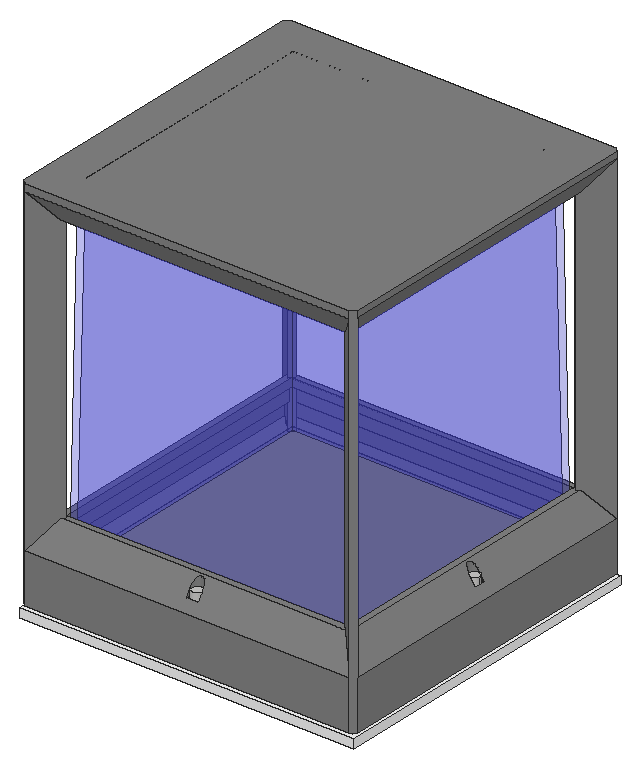
Revit family "BE_77764_de_DE", category Leuchten, Revit 2015
Parameters (values of type "BEGA_77764_Grafit_K3")
  built-in parameter 1150104 = 10.839 (stored number, unit not read)
  Windangriffsfläche = ""
  Werkzeuglos = ""
  Wattage = 16.8 W
  Default Elevation = 0 mm
  built-in parameter 1150113 = 1 (stored number, unit not read)
  built-in parameter 1114218 = 1 (stored number, unit not read)
  Umgebungstemperatur = ""
  URL = "http://www.bega.de/produkt/77764"
  Typenkommentare = "© 2015 BEGA. Wir behalten uns das Recht vor, technische Änderungen ohne vorherige Ankündigung vorzunehmen."  # constant formula
  Type Image = 77764.png
  built-in parameter 1150134 = (empty or 0)
  built-in parameter 1150109 = 1 (stored number, unit not read)
  Strom = ""
  built-in parameter 1150110 = 1 (stored number, unit not read)
  Spannung = 0 V
  Sonderanfertigung = no
  Seriennummer [instance] = "Hier können Sie die eindeutige Seriennummer für das Facility Management eintragen."
  Schutzklasse = "I"
  Schutzart = "IP 65"
  Scheinlast = 0 VA
  Produktdatenblatt = "http://www.bega.de/download/datenblaetter/de/77764.pdf"
  Oberflächentemperatur = ""
  Neigungswinkel = 0.00°
  Modell = "77764"
  Material_14 = BEGA_Kunststoff_opal
  Material_06 = BEGA_Oberfläche_Edelstahl_gebürstet
  Material_02 = BEGA_Oberfläche_Silber_matt
  Material_01 [instance] = BEGA_Oberfläche_Grafit_matt
  M_W = no
  M_G = yes
  M_A = no
  Logo = 0
  built-in parameter 1114217 = 1 (stored number, unit not read)
  built-in parameter 1150139 = (empty or 0)
  built-in parameter 1150105 = 155.98 (stored number, unit not read)
  built-in parameter 1150114 = 1 (stored number, unit not read)
  Lumens = 1960.06 lm
  built-in parameter 1150115 = 1 (stored number, unit not read)
  Leuchtenlichtstrom = "859 lm"
  Leuchtenanzahl = ""
  Lebensdauerkriterien = "L70 = 50.000 h"
  Lastklassifizierung = Beleuchtung
  built-in parameter 1150112 = 1 (stored number, unit not read)
  Lampenlichtstrom = "1960 lm"
  Lampe = "LED 16.8 W"
  LED_Modulbezeichnung = "LED-0303/830"
  built-in parameter 1150142 = (empty or 0)
  Hersteller = "BEGA"  # constant formula
  Halbstreuwinkel = ""
  Gewicht = "18.7 kg"
  Gebrauchslageneinschränkung [instance] = ""
  Frequenz = "0/50-60 Hz"
  Farbwiedergabeindex = "Ra > 80"
  Farbtemperaturverschiebung bei Dämpfen der Lampe = <Keine Auswahl>
  Farbtemperatur = "3000 K"
  Color Filter = 16777215
  built-in parameter 1150133 = 10 (stored number, unit not read)
  Energieeffizienzklasse = "LED A++ - A"
  built-in parameter 1150137 = (empty or 0)
  built-in parameter 1150132 = (empty or 0)
  Einbau_in_Wärmedämmung = ""
  ENEC = ""
  Dimmbar [instance] = "1-10 V"
  Datei für fotometrisches Netz = "BE_77764.IES"
  CE_Konformität = "ja"
  Bestellnummer = "77764"
  Beschreibung_Sonderanfertigung = "Hier können Sie Informationen zur Sonderanfertigung eintragen."
  Beschreibung = "Lichtgestaltungselement"
  built-in parameter 1150106 = 1.5598 (stored number, unit not read)
  Belastbarkeit [instance] = ""
  Befestigungsbohrung = "Ø 9 mm"
  Befestigungsabstand = "360 x 360 mm"
  Ballwurfsicher = ""
  BEGA_Intern_aus = yes
  BEGA_Intern_an = yes
  BEGA_Intern_Konstruktion = yes
  BEGA_Intern = yes
  BEGA_IES = yes
  BEGA_Dummy = no
  Anschlussleitung = ""
  Anschlussleistung [instance] = "21.3 W"
  built-in parameter 1150107 = 3000 (stored number, unit not read)
  built-in parameter 1150102 = (empty or 0)
  built-in parameter 1150138 = (empty or 0)
  Aktualisierung = "2016-02-18T04:08:35"
  Abstand_zur_angestrahlten_Fläche [instance] = ""
  AC/DC = "AC/DC"
Types (5, lengths in mm): name | built-in parameter 1150104 | built-in parameter 1150134 | Modell | M_G | M_A | built-in parameter 1150105 | Lumens | Leuchtenlichtstrom | Lampenlichtstrom | LED_Modulbezeichnung | Farbtemperatur | Datei für fotometrisches Netz | Bestellnummer | built-in parameter 1150106 | built-in parameter 1150107
  (no name) | 10.839 (stored number, unit not read) | (empty or 0) | "77764" | yes | no | 155.98 (stored number, unit not read) | 1960.06 lm | "859 lm" | "1960 lm" | "LED-0303/830" | "3000 K" | "BE_77764.IES" | "77764" | 1.5598 (stored number, unit not read) | 3000 (stored number, unit not read)
  BEGA_77764_Grafit_K3 | 10.839 (stored number, unit not read) | (empty or 0) | "77764" | yes | no | 155.98 (stored number, unit not read) | 1960.06 lm | "859 lm" | "1960 lm" | "LED-0303/830" | "3000 K" | "BE_77764.IES" | "77764" | 1.5598 (stored number, unit not read) | 3000 (stored number, unit not read)
  BEGA_77764_Grafit_K4 | 11.669 (stored number, unit not read) | 12 | "77764K4" | yes | no | 167.91 (stored number, unit not read) | 2110.08 lm | "925 lm" | "2110 lm" | "LED-0303/840" | "4000 K" | "BE_77764K4.IES" | "77764K4" | 1.6791 (stored number, unit not read) | 4000 (stored number, unit not read)
  BEGA_77764_Silber_K4 | 11.669 (stored number, unit not read) | 12 | "77764AK4" | no | yes | 167.91 (stored number, unit not read) | 2110.08 lm | "925 lm" | "2110 lm" | "LED-0303/840" | "4000 K" | "BE_77764K4.IES" | "77764AK4" | 1.6791 (stored number, unit not read) | 4000 (stored number, unit not read)
  BEGA_77764_Silber_K3 | 10.839 (stored number, unit not read) | (empty or 0) | "77764A" | no | yes | 155.98 (stored number, unit not read) | 1960.06 lm | "859 lm" | "1960 lm" | "LED-0303/830" | "3000 K" | "BE_77764.IES" | "77764A" | 1.5598 (stored number, unit not read) | 3000 (stored number, unit not read)
Reference planes
  plane 1 "Mitte (Vorne/Hinten)": y = 0
  plane 2: z = 0
  plane 3 "Mitte (Links/Rechts)": x = 0
  plane 4 "Links": x = -200
  plane 5 "Rechts": x = 200
  plane 6 "Unten": y = -200
  plane 7 "Oben": y = 200
  plane 8 "Vorne": z = 457.3
Forms (mm)
  Extrusion 1, solid, material "BEGA_Platte_Weiss"
    sketch origin (0, -1119.2, 0) x (1, 0, 0) y (0, 1, 0)
      loop
        line (-200, 1319.2) -> (-200, 919.2) -> (200, 919.2) -> (200, 1319.2) -> (-200, 1319.2)
    from 0 to -10
  Extrusion 2, solid, material "BEGA_Dummy_matt", visible <- "BEGA_Dummy"
    sketch origin (80.095, -76.023, 0) x (1, 0, 0) y (0, 1, 0)
      loop
        line (-280.095, 276.023) -> (-280.095, -123.977) -> (119.905, -123.977) -> (119.905, 276.023) -> (-280.095, 276.023)
    from 0 to 457.3
Dimensions and locks
  plane 1 "Mitte (Vorne/Hinten)" to Extrusion 1 = 200 mm
  aligned and locked: plane 2 to Extrusion 1
  aligned and locked: level to Extrusion 1
Nested families
  nested 1: "BE_77764" at (0, 0, 0), type "BE_77764"
Connectors
  electrical at (0, 0, 0), driven by "Lastklassifizierung", driven by "Spannung", driven by "Scheinlast"
    settings: index 1, voltage 0 V, apparent load 0 VA, apparent load phase1 0 VA, apparent load phase2 0 VA, apparent load phase3 0 VA, power factor 1, load classification "Beleuchtung", number of poles 1, system type 31, power factor state 1, is connector primary yes, connector utility no, sub classification motor no, connector description ""
Definition of nested family "BE_77764"
  Parameters (values of type "BE_77764")
    Default Elevation = 1 mm
    URL = "http://www.bega.de/de/produkt"
    Type Comments = "© 2015 BEGA. Wir behalten uns das Recht vor, technische Änderungen ohne vorherige Ankündigung vorzunehmen. "  # constant formula
    Type Image = (empty or 0)
    Material_17 = none
    Material_15 = none
    Material_14 = none
    Material_11 = none
    Material_09 = none
    Material_06 = none
    Material_03 = none
    Material_02 = none
    Material_01 = none
    M_W = yes
    M_G = yes
    M_A = yes
    Länge_Platte = 200 mm  # constant formula
    Höhe_Platte = -10 mm  # constant formula
    Manufacturer = "BEGA"  # constant formula
    Breite_Platte = 200 mm  # constant formula
  Reference planes
    plane 1 "Mitte (Oben/Unten)": y = 0
    plane 2: z = 0
    plane 3 "Mitte (Links/Rechts)": x = 0
    plane 4 "Vorne": z = 457.3
    plane 5 "Hinten": z = 0
    plane 6 "Links": x = -200
    plane 7 "Rechts": x = 200
    plane 8 "Oben": y = 200
    plane 9 "Unten": y = -200
  Forms (mm)
    Extrusion 1, solid, detail levels medium
      sketch origin (0, 0, 0) x (1, 0, 0) y (0, 1, 0)
        loop
          line (-100, 100) -> (-100, -100) -> (100, -100) -> (100, 100) -> (-100, 100)
      from 0 to -10 <- "Höhe_Platte"
    Sweep 2, solid, material <- "Material_01", visible <- "M_G", detail levels medium+fine
      path origin (0, 0, 0) x (1, 0, 0) y (0, 1, 0)
        loop
          line (-191.95, 191.95) -> (-191.95, -191.95) -> (191.95, -191.95) -> (191.95, 191.95) -> (-191.95, 191.95)
      profile origin (-191.95, 0, 0) x (1, 0, 0) y (0, 0, 1)
        loop
          line (7.724, 5) -> (8.737, 34) -> (125.665, 34) -> (125.665, 39) -> (-0.35, 39) -> (-0.35, 5) -> (7.724, 5)
    Extrusion 3, solid, material <- "Material_01", visible <- "M_G", detail levels medium+fine
      sketch origin (0, 0, 0) x (1, 0, 0) y (0, 1, 0)
        loop
          line (-66.284, -66.284) -> (66.284, -66.284) -> (66.284, 66.284) -> (-66.284, 66.284) -> (-66.284, -66.284)
      from 34 to 39
    Extrusion 4, solid, material <- "Material_01", visible <- "M_G", detail levels medium+fine
      sketch origin (0, 0, 0) x (1, 0, 0) y (0, 1, 0)
        loop
          line (-192.3, -192.3) -> (-165.3, -192.3) -> (-165.3, -165.3) -> (-192.3, -165.3) -> (-192.3, -192.3)
      from 0 to 39
    Extrusion 5, solid, material <- "Material_01", visible <- "M_G", detail levels medium+fine
      sketch origin (0, 0, 0) x (-1, 0, 0) y (0, -1, 0)
        loop
          line (-192.3, 192.3) -> (-192.3, 165.3) -> (-165, 165.3) -> (-165, 192.3) -> (-192.3, 192.3)
      from 0 to 37.817
    Extrusion 6, solid, material <- "Material_01", visible <- "M_G", detail levels medium+fine
      sketch origin (0, 0, 0) x (1, 0, 0) y (0, 1, 0)
        loop
          line (-192.3, 192.3) -> (-192.3, 165.3) -> (-165.3, 165.3) -> (-165.3, 192.3) -> (-192.3, 192.3)
      from 0 to 37.817
    Extrusion 7, solid, material <- "Material_01", visible <- "M_G", detail levels medium+fine
      sketch origin (0, 0, 0) x (-1, 0, 0) y (0, -1, 0)
        loop
          line (-192.3, -192.3) -> (-165.3, -192.3) -> (-165.3, -165.3) -> (-192.3, -165.3) -> (-192.3, -192.3)
      from 0 to 37.817
    Sweep 8, solid, material <- "Material_01", visible <- "M_G", detail levels medium+fine
      path origin (0, 0, 0) x (1, 0, 0) y (0, 1, 0)
        loop
          line (-192.3, 192.3) -> (-192.3, -192.3) -> (192.3, -192.3) -> (192.3, 192.3) -> (-192.3, 192.3)
      profile origin (-192.3, 0, 0) x (1, 0, 0) y (0, 0, 1)
        loop
          line (16.4, 96.3) -> (-7.7, 63.3) -> (-7.7, 4.3) -> (-2.7, 4.3) -> (-0.607, 64.243) -> (3.452, 69.8) -> (20.378, 69.8) -> (20.378, 86.33) -> (23.539, 86.33) -> (23.539, 96.3) -> (16.4, 96.3)
    Sweep 9, solid, material <- "Material_01", visible <- "M_G", detail levels medium+fine
      path origin (0, 0, 0) x (1, 0, 0) y (0, 1, 0)
        loop
          line (-200, 200) -> (-200, -200) -> (200, -200) -> (200, 200) -> (-200, 200)
      profile origin (-200, 0, 0) x (1, 0, 0) y (0, 0, 1)
        loop
          line (63.275, 457.3) -> (0, 457.3) -> (0, 449.3) -> (24.1, 416.3) -> (35.696, 415.489) -> (37.526, 450.408)
          arc (37.526, 450.408) -> (38.148, 451.752) -> (39.523, 452.3) r 2
          line (39.523, 452.3) -> (63.275, 452.3) -> (63.275, 457.3)
    Extrusion 10, solid, material <- "Material_01", visible <- "M_G", detail levels medium+fine
      sketch origin (0, 0, 0) x (1, 0, 0) y (0, 1, 0)
        loop
          line (-136.725, -136.725) -> (136.725, -136.725) -> (136.725, 136.725) -> (-136.725, 136.725) -> (-136.725, -136.725)
      from 452.3 to 457.3
    Extrusion 11, solid, material <- "Material_01", visible <- "M_G", detail levels medium+fine
      sketch origin (0, 0, 0) x (1, 0, 0) y (0, 1, 0)
        loop
          line (-200, 194.343) -> (-172.366, 166.709) -> (-166.709, 172.366) -> (-194.343, 200) -> (-200, 200) -> (-200, 194.343)
      from 34 to 457.3
    Extrusion 12, void
      sketch origin (0, 0, 0) x (1, 0, 0) y (0, 1, 0)
        loop
          line (-194.343, 200) -> (-200, 200) -> (-200, 194.343) -> (-194.343, 200)
      from 0 to 465.944
    Sweep 13, solid, material <- "Material_14", detail levels medium+fine
      path origin (0, 0, 0) x (1, 0, 0) y (0, 1, 0)
        loop
          line (-195, -195) -> (195, -195) -> (195, 195) -> (-195, 195) -> (-195, -195)
      profile origin (-195, 0, 0) x (-1, 0, 0) y (0, 0, 1)
        loop
          line (-38.6, 445.57) -> (-33, 44.5) -> (-28, 44.57) -> (-33.669, 450.57) -> (-58.275, 450.57) -> (-58.275, 445.57) -> (-38.6, 445.57)
    Extrusion 14, solid, material <- "Material_14", detail levels medium+fine
      sketch origin (0, 0, 0) x (1, 0, 0) y (0, 1, 0)
        loop
          line (-136.725, 136.725) -> (-136.725, -136.725) -> (136.725, -136.725) -> (136.725, 136.725) -> (-136.725, 136.725)
      from 445.57 to 450.57
    Extrusion 15, solid, material <- "Material_01", visible <- "M_G", detail levels medium+fine
      sketch origin (0, 0, 0) x (-1, 0, 0) y (0, -1, 0)
        loop
          line (-200, -194.343) -> (-200, -200) -> (-194.343, -200) -> (-166.709, -172.366) -> (-172.366, -166.709) -> (-200, -194.343)
      from 34 to 457.3
    Extrusion 16, solid, material <- "Material_01", visible <- "M_G", detail levels medium+fine
      sketch origin (0, 0, 0) x (1, 0, 0) y (0, 1, 0)
        loop
          line (-200, -194.343) -> (-200, -200) -> (-194.343, -200) -> (-166.709, -172.366) -> (-172.366, -166.709) -> (-200, -194.343)
      from 34 to 457.3
    Extrusion 17, solid, material <- "Material_01", visible <- "M_G", detail levels medium+fine
      sketch origin (0, 0, 0) x (-1, 0, 0) y (0, -1, 0)
        loop
          line (-200, 194.343) -> (-172.366, 166.709) -> (-166.709, 172.366) -> (-194.343, 200) -> (-200, 200) -> (-200, 194.343)
      from 34 to 457.3
    Extrusion 18, void
      sketch origin (0, 0, 0) x (-1, 0, 0) y (0, -1, 0)
        loop
          line (-194.343, -200) -> (-200, -194.343) -> (-200, -200) -> (-194.343, -200)
      from 0 to 465.944
    Extrusion 19, void
      sketch origin (0, 0, 0) x (1, 0, 0) y (0, 1, 0)
        loop
          line (-194.343, -200) -> (-200, -194.343) -> (-200, -200) -> (-194.343, -200)
      from 0 to 465.944
    Extrusion 20, void
      sketch origin (0, 0, 0) x (-1, 0, 0) y (0, -1, 0)
        loop
          line (-194.343, 200) -> (-200, 200) -> (-200, 194.343) -> (-194.343, 200)
      from 0 to 465.944
    Sweep 21, solid, material <- "Material_02", visible <- "M_A", detail levels medium+fine
      path origin (0, 0, 0) x (1, 0, 0) y (0, 1, 0)
        loop
          line (-191.95, 191.95) -> (-191.95, -191.95) -> (191.95, -191.95) -> (191.95, 191.95) -> (-191.95, 191.95)
      profile origin (-191.95, 0, 0) x (1, 0, 0) y (0, 0, 1)
        loop
          line (7.724, 5) -> (8.737, 34) -> (125.665, 34) -> (125.665, 39) -> (-0.35, 39) -> (-0.35, 5) -> (7.724, 5)
    Extrusion 22, solid, material <- "Material_02", visible <- "M_A", detail levels medium+fine
      sketch origin (0, 0, 0) x (1, 0, 0) y (0, 1, 0)
        loop
          line (-66.284, -66.284) -> (66.284, -66.284) -> (66.284, 66.284) -> (-66.284, 66.284) -> (-66.284, -66.284)
      from 34 to 39
    Extrusion 23, solid, material <- "Material_02", visible <- "M_A", detail levels medium+fine
      sketch origin (0, 0, 0) x (1, 0, 0) y (0, 1, 0)
        loop
          line (-192.3, -192.3) -> (-165.3, -192.3) -> (-165.3, -165.3) -> (-192.3, -165.3) -> (-192.3, -192.3)
      from 0 to 39
    Extrusion 24, solid, material <- "Material_02", visible <- "M_A", detail levels medium+fine
      sketch origin (0, 0, 0) x (-1, 0, 0) y (0, -1, 0)
        loop
          line (-192.3, 192.3) -> (-192.3, 165.3) -> (-165, 165.3) -> (-165, 192.3) -> (-192.3, 192.3)
      from 0 to 37.817
    Extrusion 25, solid, material <- "Material_02", visible <- "M_A", detail levels medium+fine
      sketch origin (0, 0, 0) x (1, 0, 0) y (0, 1, 0)
        loop
          line (-192.3, 192.3) -> (-192.3, 165.3) -> (-165.3, 165.3) -> (-165.3, 192.3) -> (-192.3, 192.3)
      from 0 to 37.817
    Extrusion 26, solid, material <- "Material_02", visible <- "M_A", detail levels medium+fine
      sketch origin (0, 0, 0) x (-1, 0, 0) y (0, -1, 0)
        loop
          line (-192.3, -192.3) -> (-165.3, -192.3) -> (-165.3, -165.3) -> (-192.3, -165.3) -> (-192.3, -192.3)
      from 0 to 37.817
    Sweep 27, solid, material <- "Material_02", visible <- "M_A", detail levels medium+fine
      path origin (0, 0, 0) x (1, 0, 0) y (0, 1, 0)
        loop
          line (-192.3, 192.3) -> (-192.3, -192.3) -> (192.3, -192.3) -> (192.3, 192.3) -> (-192.3, 192.3)
      profile origin (-192.3, 0, 0) x (1, 0, 0) y (0, 0, 1)
        loop
          line (16.4, 96.3) -> (-7.7, 63.3) -> (-7.7, 4.3) -> (-2.7, 4.3) -> (-0.607, 64.243) -> (3.452, 69.8) -> (20.378, 69.8) -> (20.378, 86.33) -> (23.539, 86.33) -> (23.539, 96.3) -> (16.4, 96.3)
    Sweep 28, solid, material <- "Material_02", visible <- "M_A", detail levels medium+fine
      path origin (0, 0, 0) x (1, 0, 0) y (0, 1, 0)
        loop
          line (-200, 200) -> (-200, -200) -> (200, -200) -> (200, 200) -> (-200, 200)
      profile origin (-200, 0, 0) x (1, 0, 0) y (0, 0, 1)
        loop
          line (63.275, 457.3) -> (0, 457.3) -> (0, 449.3) -> (24.1, 416.3) -> (35.696, 415.489) -> (37.526, 450.408)
          arc (37.526, 450.408) -> (38.148, 451.752) -> (39.523, 452.3) r 2
          line (39.523, 452.3) -> (63.275, 452.3) -> (63.275, 457.3)
    Extrusion 29, solid, material <- "Material_02", visible <- "M_A", detail levels medium+fine
      sketch origin (0, 0, 0) x (1, 0, 0) y (0, 1, 0)
        loop
          line (-136.725, -136.725) -> (136.725, -136.725) -> (136.725, 136.725) -> (-136.725, 136.725) -> (-136.725, -136.725)
      from 452.3 to 457.3
    Extrusion 30, solid, material <- "Material_02", visible <- "M_A", detail levels medium+fine
      sketch origin (0, 0, 0) x (1, 0, 0) y (0, 1, 0)
        loop
          line (-200, 194.343) -> (-172.366, 166.709) -> (-166.709, 172.366) -> (-194.343, 200) -> (-200, 200) -> (-200, 194.343)
      from 34 to 457.3
    Extrusion 31, void
      sketch origin (0, 0, 0) x (1, 0, 0) y (0, 1, 0)
        loop
          line (-194.343, 200) -> (-200, 200) -> (-200, 194.343) -> (-194.343, 200)
      from 0 to 465.944
    Extrusion 32, solid, material <- "Material_02", visible <- "M_A", detail levels medium+fine
      sketch origin (0, 0, 0) x (-1, 0, 0) y (0, -1, 0)
        loop
          line (-200, -194.343) -> (-200, -200) -> (-194.343, -200) -> (-166.709, -172.366) -> (-172.366, -166.709) -> (-200, -194.343)
      from 34 to 457.3
    Extrusion 33, solid, material <- "Material_02", visible <- "M_A", detail levels medium+fine
      sketch origin (0, 0, 0) x (1, 0, 0) y (0, 1, 0)
        loop
          line (-200, -194.343) -> (-200, -200) -> (-194.343, -200) -> (-166.709, -172.366) -> (-172.366, -166.709) -> (-200, -194.343)
      from 34 to 457.3
    Extrusion 34, solid, material <- "Material_02", visible <- "M_A", detail levels medium+fine
      sketch origin (0, 0, 0) x (-1, 0, 0) y (0, -1, 0)
        loop
          line (-200, 194.343) -> (-172.366, 166.709) -> (-166.709, 172.366) -> (-194.343, 200) -> (-200, 200) -> (-200, 194.343)
      from 34 to 457.3
    Extrusion 35, void
      sketch origin (0, 0, 0) x (-1, 0, 0) y (0, -1, 0)
        loop
          line (-194.343, -200) -> (-200, -194.343) -> (-200, -200) -> (-194.343, -200)
      from 0 to 465.944
    Extrusion 36, void
      sketch origin (0, 0, 0) x (1, 0, 0) y (0, 1, 0)
        loop
          line (-194.343, -200) -> (-200, -194.343) -> (-200, -200) -> (-194.343, -200)
      from 0 to 465.944
    Extrusion 37, void
      sketch origin (0, 0, 0) x (-1, 0, 0) y (0, -1, 0)
        loop
          line (-194.343, 200) -> (-200, 200) -> (-200, 194.343) -> (-194.343, 200)
      from 0 to 465.944
    Extrusion 38, void
      sketch origin (0, 0, 0) x (1, 0, 0) y (0, 1, 0)
        loop
          circle (50, -100) r 7.5
        loop
          circle (100, -100) r 7.5
      from 0 to 42.3
    Extrusion 39, void
      sketch origin (0, 0, 0) x (1, 0, 0) y (0, 1, 0)
        loop
          circle (180, 180) r 4.5
        loop
          circle (-180, 180) r 4.5
        loop
          circle (180, -180) r 4.5
        loop
          circle (-180, -180) r 4.5
      from 0 to 39
    Extrusion 40, void
      sketch origin (0, 0, 0) x (1, 0, 0) y (0, 1, 0)
        loop
          arc (-184.5, -7.25) -> (-177.25, 0) -> (-184.5, 7.25) r 7.25
          line (-184.5, 7.25) -> (-203.083, 7.25) -> (-203.083, -7.25) -> (-184.5, -7.25)
        loop
          line (184.5, -7.25) -> (203.083, -7.25) -> (203.083, 7.25) -> (184.5, 7.25)
          arc (184.5, 7.25) -> (177.25, 0) -> (184.5, -7.25) r 7.25
        loop
          arc (-7.25, 184.5) -> (0, 177.25) -> (7.25, 184.5) r 7.25
          line (7.25, 184.5) -> (7.25, 203.083) -> (-7.25, 203.083) -> (-7.25, 184.5)
        loop
          line (-7.25, -184.5) -> (-7.25, -203.083) -> (7.25, -203.083) -> (7.25, -184.5)
          arc (7.25, -184.5) -> (0, -177.25) -> (-7.25, -184.5) r 7.25
      from 75.092 to 98.779
    Extrusion 41, solid, material <- "Material_06", detail levels fine
      sketch origin (0, 0, 0) x (1, 0, 0) y (0, 1, 0)
        loop
          circle (-184.5, 0) r 6.5
        loop
          circle (184.5, 0) r 6.5
        loop
          circle (0, 184.5) r 6.5
        loop
          circle (0, -184.5) r 6.5
      from 75.092 to 83.018
  Cuts and joins
    Extrusion 38, Extrusion 39, Extrusion 40 cuts Sweep 2
    Extrusion 38, Extrusion 39, Extrusion 40 cuts Extrusion 3
    Extrusion 38, Extrusion 39, Extrusion 40 cuts Extrusion 4
    Extrusion 38, Extrusion 39, Extrusion 40 cuts Extrusion 5
    Extrusion 38, Extrusion 39, Extrusion 40 cuts Extrusion 6
    Extrusion 38, Extrusion 39, Extrusion 40 cuts Extrusion 7
    joined: Sweep 2, Extrusion 3, Extrusion 4, Extrusion 5, Extrusion 6, Extrusion 7
    Extrusion 12, Extrusion 18, Extrusion 19, Extrusion 20, Extrusion 31, Extrusion 35, Extrusion 36, Extrusion 37, Extrusion 39, Extrusion 40 cuts Sweep 8
    Extrusion 12, Extrusion 18, Extrusion 19, Extrusion 20, Extrusion 31, Extrusion 35, Extrusion 36, Extrusion 37, Extrusion 39, Extrusion 40 cuts Sweep 9
    Extrusion 12, Extrusion 18, Extrusion 19, Extrusion 20, Extrusion 31, Extrusion 35, Extrusion 36, Extrusion 37, Extrusion 39, Extrusion 40 cuts Extrusion 10
    Extrusion 12, Extrusion 18, Extrusion 19, Extrusion 20, Extrusion 31, Extrusion 35, Extrusion 36, Extrusion 37, Extrusion 39, Extrusion 40 cuts Extrusion 11
    Extrusion 18, Extrusion 19, Extrusion 20, Extrusion 31, Extrusion 35, Extrusion 36, Extrusion 37, Extrusion 39, Extrusion 40 cuts Extrusion 15
    Extrusion 18, Extrusion 19, Extrusion 20, Extrusion 31, Extrusion 35, Extrusion 36, Extrusion 37, Extrusion 39, Extrusion 40 cuts Extrusion 16
    Extrusion 18, Extrusion 19, Extrusion 20, Extrusion 31, Extrusion 35, Extrusion 36, Extrusion 37, Extrusion 39, Extrusion 40 cuts Extrusion 17
    joined: Sweep 8, Sweep 9, Extrusion 10, Extrusion 11, Extrusion 15, Extrusion 16, Extrusion 17
    joined: Sweep 13, Extrusion 14
    Extrusion 38, Extrusion 39, Extrusion 40 cuts Sweep 21
    Extrusion 38, Extrusion 39, Extrusion 40 cuts Extrusion 22
    Extrusion 38, Extrusion 39, Extrusion 40 cuts Extrusion 23
    Extrusion 38, Extrusion 39, Extrusion 40 cuts Extrusion 24
    Extrusion 38, Extrusion 39, Extrusion 40 cuts Extrusion 25
    Extrusion 38, Extrusion 39, Extrusion 40 cuts Extrusion 26
    joined: Sweep 21, Extrusion 22, Extrusion 23, Extrusion 24, Extrusion 25, Extrusion 26
    Extrusion 31, Extrusion 35, Extrusion 36, Extrusion 37, Extrusion 39, Extrusion 40 cuts Sweep 27
    Extrusion 31, Extrusion 35, Extrusion 36, Extrusion 37, Extrusion 39, Extrusion 40 cuts Sweep 28
    Extrusion 31, Extrusion 35, Extrusion 36, Extrusion 37, Extrusion 39, Extrusion 40 cuts Extrusion 29
    Extrusion 31, Extrusion 35, Extrusion 36, Extrusion 37, Extrusion 39, Extrusion 40 cuts Extrusion 30
    Extrusion 31, Extrusion 35, Extrusion 36, Extrusion 37, Extrusion 39, Extrusion 40 cuts Extrusion 32
    Extrusion 31, Extrusion 35, Extrusion 36, Extrusion 37, Extrusion 39, Extrusion 40 cuts Extrusion 33
    Extrusion 31, Extrusion 35, Extrusion 36, Extrusion 37, Extrusion 39, Extrusion 40 cuts Extrusion 34
    joined: Sweep 27, Sweep 28, Extrusion 29, Extrusion 30, Extrusion 32, Extrusion 33, Extrusion 34
  Dimensions and locks
    equal spacing: Extrusion 1 sketch curve, plane 3 "Mitte (Links/Rechts)", Extrusion 1 sketch curve
    equal spacing: Extrusion 1 sketch curve, plane 1 "Mitte (Oben/Unten)", Extrusion 1 sketch curve
    "Länge_Platte": Extrusion 1 sketch curve to Extrusion 1 sketch curve
    "Breite_Platte": Extrusion 1 sketch curve to Extrusion 1 sketch curve
    plane 6 "Links" to Extrusion 4 = 34.7 mm
    aligned and locked: plane 2 to Extrusion 1
    aligned and locked: level to Extrusion 1
  Automatic sketch dimensions
    plane 6 "Links" to Sweep 2 sketch curve = 8.05 mm
    Sweep 2 sketch curve to plane 7 "Rechts" = 8.05 mm
    plane 9 "Unten" to Sweep 2 sketch curve = 8.05 mm
    Sweep 2 sketch curve to plane 8 "Oben" = 8.05 mm
    profile plane to Sweep 2 sketch curve = 0.35 mm
    Sweep 2 sketch curve to profile plane = 7.724 mm
    Sweep 2 sketch curve to profile plane = 8.737 mm
    level to Sweep 2 sketch curve = 39 mm
    Sweep 2 sketch curve to Sweep 2 sketch curve = 116.928 mm
    Sweep 2 sketch curve to Sweep 2 sketch curve = 5 mm
    level to Sweep 2 sketch curve = 5 mm
    Extrusion 3 sketch curve to plane 3 "Mitte (Links/Rechts)" = 66.284 mm
    plane 3 "Mitte (Links/Rechts)" to Extrusion 3 sketch curve = 66.284 mm
    plane 1 "Mitte (Oben/Unten)" to Extrusion 3 sketch curve = 66.284 mm
    Extrusion 3 sketch curve to plane 1 "Mitte (Oben/Unten)" = 66.284 mm
    plane 6 "Links" to Extrusion 4 sketch curve = 7.7 mm
    Extrusion 4 sketch curve to Extrusion 4 sketch curve = 27 mm  (x2)
    plane 9 "Unten" to Extrusion 4 sketch curve = 7.7 mm
    plane 7 "Rechts" to Extrusion 5 sketch curve = 7.7 mm
    Extrusion 5 sketch curve to Extrusion 5 sketch curve = 27.3 mm
    Extrusion 5 sketch curve to plane 9 "Unten" = 7.7 mm
    Extrusion 5 sketch curve to Extrusion 5 sketch curve = 27 mm
    Extrusion 6 sketch curve to plane 6 "Links" = 7.7 mm
    Extrusion 6 sketch curve to Extrusion 6 sketch curve = 27 mm  (x2)
    plane 8 "Oben" to Extrusion 6 sketch curve = 7.7 mm
    Extrusion 7 sketch curve to plane 7 "Rechts" = 7.7 mm
    Extrusion 7 sketch curve to Extrusion 7 sketch curve = 27 mm  (x2)
    Extrusion 7 sketch curve to plane 8 "Oben" = 7.7 mm
    plane 6 "Links" to Sweep 8 sketch curve = 7.7 mm
    Sweep 8 sketch curve to plane 7 "Rechts" = 7.7 mm
    plane 9 "Unten" to Sweep 8 sketch curve = 7.7 mm
    Sweep 8 sketch curve to plane 8 "Oben" = 7.7 mm
    profile plane to Sweep 8 sketch curve = 7.7 mm
    profile plane to Sweep 8 sketch curve = 2.7 mm
    profile plane to Sweep 8 sketch curve = 0.607 mm
    Sweep 8 sketch curve to profile plane = 3.452 mm
    Sweep 8 sketch curve to profile plane = 16.4 mm
    Sweep 8 sketch curve to Sweep 8 sketch curve = 3.978 mm
    Sweep 8 sketch curve to Sweep 8 sketch curve = 7.139 mm
    level to Sweep 8 sketch curve = 4.3 mm
    Sweep 8 sketch curve to Sweep 8 sketch curve = 59 mm
    Sweep 8 sketch curve to Sweep 8 sketch curve = 0.943 mm
    Sweep 8 sketch curve to Sweep 8 sketch curve = 5.557 mm
    Sweep 8 sketch curve to Sweep 8 sketch curve = 16.53 mm
    Sweep 8 sketch curve to Sweep 8 sketch curve = 9.97 mm
    Sweep 9 sketch curve to plane 6 "Links" = 0 mm
    Sweep 9 sketch curve to plane 9 "Unten" = 0 mm
    plane 7 "Rechts" to Sweep 9 sketch curve = 0 mm
    plane 8 "Oben" to Sweep 9 sketch curve = 0 mm
    profile plane to Sweep 9 sketch curve = 0 mm
    Sweep 9 sketch curve to profile plane = 24.1 mm
    Sweep 9 sketch curve to Sweep 9 sketch curve = 11.596 mm
    Sweep 9 sketch curve to Sweep 9 sketch curve = 1.83 mm
    Sweep 9 sketch curve to Sweep 9 sketch curve = 1.997 mm
    Sweep 9 sketch curve to Sweep 9 sketch curve = 23.752 mm
    level to Sweep 9 sketch curve = 415.489 mm
    Sweep 9 sketch curve to Sweep 9 sketch curve = 0.811 mm
    Sweep 9 sketch curve to Sweep 9 sketch curve = 33 mm
    Sweep 9 sketch curve to Sweep 9 sketch curve = 34.811 mm
    Sweep 9 sketch curve to Sweep 9 sketch curve = 0.108 mm
    Sweep 9 sketch curve to Sweep 9 sketch curve = 8 mm
    plane 6 "Links" to Extrusion 10 sketch curve = 63.275 mm
    Extrusion 10 sketch curve to plane 7 "Rechts" = 63.275 mm
    plane 9 "Unten" to Extrusion 10 sketch curve = 63.275 mm
    Extrusion 10 sketch curve to plane 8 "Oben" = 63.275 mm
    Extrusion 11 sketch curve to plane 6 "Links" = 0 mm
    Extrusion 11 sketch curve to plane 8 "Oben" = 0 mm
    plane 6 "Links" to Extrusion 11 sketch curve = 5.657 mm
    plane 6 "Links" to Extrusion 11 sketch curve = 27.634 mm
    Extrusion 11 sketch curve to plane 8 "Oben" = 27.634 mm
    Extrusion 11 sketch curve to Extrusion 11 sketch curve = 5.657 mm
    Extrusion 12 sketch curve to plane 6 "Links" = 0 mm
    plane 8 "Oben" to Extrusion 12 sketch curve = 0 mm
    plane 6 "Links" to Extrusion 12 sketch curve = 5.657 mm
    Extrusion 12 sketch curve to plane 8 "Oben" = 5.657 mm
    plane 6 "Links" to Sweep 13 sketch curve = 5 mm
    Sweep 13 sketch curve to plane 7 "Rechts" = 5 mm
    plane 9 "Unten" to Sweep 13 sketch curve = 5 mm
    Sweep 13 sketch curve to plane 8 "Oben" = 5 mm
    profile plane to Sweep 13 sketch curve = 58.275 mm
    Sweep 13 sketch curve to Sweep 13 sketch curve = 19.676 mm
    Sweep 13 sketch curve to Sweep 13 sketch curve = 4.931 mm
    profile plane to Sweep 13 sketch curve = 33 mm
    Sweep 13 sketch curve to Sweep 13 sketch curve = 5 mm  (x2)
    level to Sweep 13 sketch curve = 44.5 mm
    Sweep 13 sketch curve to Sweep 13 sketch curve = 0.07 mm
    Sweep 13 sketch curve to Sweep 13 sketch curve = 401.07 mm
    plane 6 "Links" to Extrusion 14 sketch curve = 63.275 mm
    Extrusion 14 sketch curve to plane 7 "Rechts" = 63.275 mm
    plane 9 "Unten" to Extrusion 14 sketch curve = 63.275 mm
    Extrusion 14 sketch curve to plane 8 "Oben" = 63.275 mm
    Extrusion 15 sketch curve to plane 7 "Rechts" = 0 mm
    Extrusion 15 sketch curve to plane 8 "Oben" = 0 mm
    plane 7 "Rechts" to Extrusion 15 sketch curve = 5.657 mm
    plane 7 "Rechts" to Extrusion 15 sketch curve = 27.634 mm
    plane 8 "Oben" to Extrusion 15 sketch curve = 27.634 mm
    Extrusion 15 sketch curve to Extrusion 15 sketch curve = 5.657 mm
    Extrusion 16 sketch curve to plane 6 "Links" = 0 mm
    Extrusion 16 sketch curve to plane 9 "Unten" = 0 mm
    Extrusion 16 sketch curve to plane 6 "Links" = 5.657 mm
    Extrusion 16 sketch curve to plane 6 "Links" = 27.634 mm
    Extrusion 16 sketch curve to plane 9 "Unten" = 27.634 mm
    Extrusion 16 sketch curve to Extrusion 16 sketch curve = 5.657 mm
    Extrusion 17 sketch curve to plane 7 "Rechts" = 0 mm
    Extrusion 17 sketch curve to plane 9 "Unten" = 0 mm
    Extrusion 17 sketch curve to plane 7 "Rechts" = 5.657 mm
    Extrusion 17 sketch curve to plane 7 "Rechts" = 27.634 mm
    plane 9 "Unten" to Extrusion 17 sketch curve = 27.634 mm
    Extrusion 17 sketch curve to Extrusion 17 sketch curve = 5.657 mm
    Extrusion 18 sketch curve to plane 7 "Rechts" = 0 mm
    Extrusion 18 sketch curve to plane 8 "Oben" = 0 mm
    plane 7 "Rechts" to Extrusion 18 sketch curve = 5.657 mm
    plane 8 "Oben" to Extrusion 18 sketch curve = 5.657 mm
    Extrusion 19 sketch curve to plane 6 "Links" = 0 mm
    plane 9 "Unten" to Extrusion 19 sketch curve = 0 mm
    Extrusion 19 sketch curve to plane 6 "Links" = 5.657 mm
    Extrusion 19 sketch curve to plane 9 "Unten" = 5.657 mm
    Extrusion 20 sketch curve to plane 7 "Rechts" = 0 mm
    Extrusion 20 sketch curve to plane 9 "Unten" = 0 mm
    Extrusion 20 sketch curve to plane 7 "Rechts" = 5.657 mm
    plane 9 "Unten" to Extrusion 20 sketch curve = 5.657 mm
    plane 6 "Links" to Sweep 21 sketch curve = 8.05 mm
    Sweep 21 sketch curve to plane 7 "Rechts" = 8.05 mm
    plane 9 "Unten" to Sweep 21 sketch curve = 8.05 mm
    Sweep 21 sketch curve to plane 8 "Oben" = 8.05 mm
    profile plane to Sweep 21 sketch curve = 0.35 mm
    Sweep 21 sketch curve to profile plane = 7.724 mm
    Sweep 21 sketch curve to profile plane = 8.737 mm
    level to Sweep 21 sketch curve = 39 mm
    Sweep 21 sketch curve to Sweep 21 sketch curve = 116.928 mm
    Sweep 21 sketch curve to Sweep 21 sketch curve = 5 mm
    level to Sweep 21 sketch curve = 5 mm
    Extrusion 22 sketch curve to plane 3 "Mitte (Links/Rechts)" = 66.284 mm
    plane 3 "Mitte (Links/Rechts)" to Extrusion 22 sketch curve = 66.284 mm
    plane 1 "Mitte (Oben/Unten)" to Extrusion 22 sketch curve = 66.284 mm
    Extrusion 22 sketch curve to plane 1 "Mitte (Oben/Unten)" = 66.284 mm
    plane 6 "Links" to Extrusion 23 sketch curve = 7.7 mm
    Extrusion 23 sketch curve to Extrusion 23 sketch curve = 27 mm  (x2)
    plane 9 "Unten" to Extrusion 23 sketch curve = 7.7 mm
    plane 7 "Rechts" to Extrusion 24 sketch curve = 7.7 mm
    Extrusion 24 sketch curve to Extrusion 24 sketch curve = 27.3 mm
    Extrusion 24 sketch curve to plane 9 "Unten" = 7.7 mm
    Extrusion 24 sketch curve to Extrusion 24 sketch curve = 27 mm
    Extrusion 25 sketch curve to plane 6 "Links" = 7.7 mm
    Extrusion 25 sketch curve to Extrusion 25 sketch curve = 27 mm  (x2)
    plane 8 "Oben" to Extrusion 25 sketch curve = 7.7 mm
    Extrusion 26 sketch curve to plane 7 "Rechts" = 7.7 mm
    Extrusion 26 sketch curve to Extrusion 26 sketch curve = 27 mm  (x2)
    Extrusion 26 sketch curve to plane 8 "Oben" = 7.7 mm
    plane 6 "Links" to Sweep 27 sketch curve = 7.7 mm
    Sweep 27 sketch curve to plane 7 "Rechts" = 7.7 mm
    plane 9 "Unten" to Sweep 27 sketch curve = 7.7 mm
    Sweep 27 sketch curve to plane 8 "Oben" = 7.7 mm
    profile plane to Sweep 27 sketch curve = 7.7 mm
    profile plane to Sweep 27 sketch curve = 2.7 mm
    profile plane to Sweep 27 sketch curve = 0.607 mm
    Sweep 27 sketch curve to profile plane = 3.452 mm
    Sweep 27 sketch curve to profile plane = 16.4 mm
    Sweep 27 sketch curve to Sweep 27 sketch curve = 3.978 mm
    Sweep 27 sketch curve to Sweep 27 sketch curve = 7.139 mm
    level to Sweep 27 sketch curve = 4.3 mm
    Sweep 27 sketch curve to Sweep 27 sketch curve = 59 mm
    Sweep 27 sketch curve to Sweep 27 sketch curve = 0.943 mm
    Sweep 27 sketch curve to Sweep 27 sketch curve = 5.557 mm
    Sweep 27 sketch curve to Sweep 27 sketch curve = 16.53 mm
    Sweep 27 sketch curve to Sweep 27 sketch curve = 9.97 mm
    Sweep 28 sketch curve to plane 6 "Links" = 0 mm
    Sweep 28 sketch curve to plane 9 "Unten" = 0 mm
    plane 7 "Rechts" to Sweep 28 sketch curve = 0 mm
    plane 8 "Oben" to Sweep 28 sketch curve = 0 mm
    profile plane to Sweep 28 sketch curve = 0 mm
    Sweep 28 sketch curve to profile plane = 24.1 mm
    Sweep 28 sketch curve to Sweep 28 sketch curve = 11.596 mm
    Sweep 28 sketch curve to Sweep 28 sketch curve = 1.83 mm
    Sweep 28 sketch curve to Sweep 28 sketch curve = 1.997 mm
    Sweep 28 sketch curve to Sweep 28 sketch curve = 23.752 mm
    level to Sweep 28 sketch curve = 415.489 mm
    Sweep 28 sketch curve to Sweep 28 sketch curve = 0.811 mm
    Sweep 28 sketch curve to Sweep 28 sketch curve = 33 mm
    Sweep 28 sketch curve to Sweep 28 sketch curve = 34.811 mm
    Sweep 28 sketch curve to Sweep 28 sketch curve = 0.108 mm
    Sweep 28 sketch curve to Sweep 28 sketch curve = 8 mm
    plane 6 "Links" to Extrusion 29 sketch curve = 63.275 mm
    Extrusion 29 sketch curve to plane 7 "Rechts" = 63.275 mm
    plane 9 "Unten" to Extrusion 29 sketch curve = 63.275 mm
    Extrusion 29 sketch curve to plane 8 "Oben" = 63.275 mm
    Extrusion 30 sketch curve to plane 6 "Links" = 0 mm
    Extrusion 30 sketch curve to plane 8 "Oben" = 0 mm
    plane 6 "Links" to Extrusion 30 sketch curve = 5.657 mm
    plane 6 "Links" to Extrusion 30 sketch curve = 27.634 mm
    Extrusion 30 sketch curve to plane 8 "Oben" = 27.634 mm
    Extrusion 30 sketch curve to Extrusion 30 sketch curve = 5.657 mm
    Extrusion 31 sketch curve to plane 6 "Links" = 0 mm
    plane 8 "Oben" to Extrusion 31 sketch curve = 0 mm
    plane 6 "Links" to Extrusion 31 sketch curve = 5.657 mm
    Extrusion 31 sketch curve to plane 8 "Oben" = 5.657 mm
    Extrusion 32 sketch curve to plane 7 "Rechts" = 0 mm
    Extrusion 32 sketch curve to plane 8 "Oben" = 0 mm
    plane 7 "Rechts" to Extrusion 32 sketch curve = 5.657 mm
    plane 7 "Rechts" to Extrusion 32 sketch curve = 27.634 mm
    plane 8 "Oben" to Extrusion 32 sketch curve = 27.634 mm
    Extrusion 32 sketch curve to Extrusion 32 sketch curve = 5.657 mm
    Extrusion 33 sketch curve to plane 6 "Links" = 0 mm
    Extrusion 33 sketch curve to plane 9 "Unten" = 0 mm
    Extrusion 33 sketch curve to plane 6 "Links" = 5.657 mm
    Extrusion 33 sketch curve to plane 6 "Links" = 27.634 mm
    Extrusion 33 sketch curve to plane 9 "Unten" = 27.634 mm
    Extrusion 33 sketch curve to Extrusion 33 sketch curve = 5.657 mm
    Extrusion 34 sketch curve to plane 7 "Rechts" = 0 mm
    Extrusion 34 sketch curve to plane 9 "Unten" = 0 mm
    Extrusion 34 sketch curve to plane 7 "Rechts" = 5.657 mm
    Extrusion 34 sketch curve to plane 7 "Rechts" = 27.634 mm
    plane 9 "Unten" to Extrusion 34 sketch curve = 27.634 mm
    Extrusion 34 sketch curve to Extrusion 34 sketch curve = 5.657 mm
    Extrusion 35 sketch curve to plane 7 "Rechts" = 0 mm
    Extrusion 35 sketch curve to plane 8 "Oben" = 0 mm
    plane 7 "Rechts" to Extrusion 35 sketch curve = 5.657 mm
    plane 8 "Oben" to Extrusion 35 sketch curve = 5.657 mm
    Extrusion 36 sketch curve to plane 6 "Links" = 0 mm
    plane 9 "Unten" to Extrusion 36 sketch curve = 0 mm
    Extrusion 36 sketch curve to plane 6 "Links" = 5.657 mm
    Extrusion 36 sketch curve to plane 9 "Unten" = 5.657 mm
    Extrusion 37 sketch curve to plane 7 "Rechts" = 0 mm
    Extrusion 37 sketch curve to plane 9 "Unten" = 0 mm
    Extrusion 37 sketch curve to plane 7 "Rechts" = 5.657 mm
    plane 9 "Unten" to Extrusion 37 sketch curve = 5.657 mm
    plane 3 "Mitte (Links/Rechts)" to Extrusion 38 sketch curve = 50 mm
    Extrusion 38 sketch curve to Extrusion 38 sketch curve = 50 mm
    plane 1 "Mitte (Oben/Unten)" to Extrusion 38 sketch curve = 100 mm
    Extrusion 38 sketch curve to Extrusion 38 sketch curve = 0 mm
    plane 1 "Mitte (Oben/Unten)" to Extrusion 40 sketch curve = 0 mm  (x2)
    Extrusion 40 sketch curve to plane 3 "Mitte (Links/Rechts)" = 0 mm  (x2)
    Extrusion 40 sketch curve to plane 9 "Unten" = 3.083 mm
    Extrusion 40 sketch curve to plane 3 "Mitte (Links/Rechts)" = 7.25 mm  (x2)
    plane 8 "Oben" to Extrusion 40 sketch curve = 3.083 mm
    plane 6 "Links" to Extrusion 40 sketch curve = 15.5 mm
    Extrusion 40 sketch curve to plane 6 "Links" = 3.083 mm
    Extrusion 40 sketch curve to plane 7 "Rechts" = 15.5 mm
    plane 7 "Rechts" to Extrusion 40 sketch curve = 3.083 mm
    plane 9 "Unten" to Extrusion 40 sketch curve = 15.5 mm
    plane 1 "Mitte (Oben/Unten)" to Extrusion 40 sketch curve = 7.25 mm  (x2)
    Extrusion 40 sketch curve to plane 8 "Oben" = 15.5 mm
    Extrusion 40 sketch curve to Extrusion 40 sketch curve = 0 mm
    radius of Extrusion 38 sketch curve = 7.5 mm  (x2)
